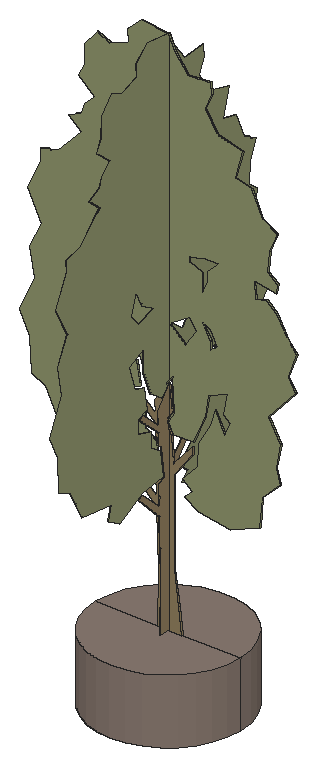
Revit family "L-PLO_난형", category 수목, Revit 2019
Family settings
  OmniClass 번호 = 23.40.05.00
  OmniClass 제목 = Plants and Planting Products
  작업 기준면 기반 = 아니오
  항상 수직 = 예
  로드될 때 보이드를 사용하여 절단 = 아니오
  렌더 모양 소스 = 패밀리 형상
  공유 = 아니오
Parameters
  한국산업규격KS = ""
  콘 높이 = 뿌리분 직경 / 4  # 272.5 mm
  조달청표준공사코드-세부공종 = ""
  뿌리분 직경 = (24 mm + ((R / 10) - 3 mm) * 5) * 10  # 1090 mm
  뿌리분 높이 = 뿌리분 직경 / 2  # 545 mm
  높이 = 4500 mm
  건설정보분류체계-부위분류 = "E985"
  R = 200 mm
  LIM_INFO_주의사항 = "재배포, 재가공, 판매 금지"
  LIM_INFO_제작일 = "20211210"
  LIM_INFO_버전 = "2022_V01"
  LIM_INFO_PL_학명 = ""
  LIM_INFO_PL_품명 = ""
  LIM_INFO_PL_주당인정수량 = 0
  LIM_INFO_PL_수목단위 = "주"
  LIM_INFO_PL_규격 = ""
  LIM_INFO_PL_구분 = ""
  LIM_INFO_PL_가격 = 0
  LIM_INFO_PL_Qty [instance] = 0
  LIM_INFO_PL_M2당수량 = 0
  KBIMS_식별-버전 = ""
  KBIMS_식별-bSK등록번호 = ""
  KBIMS_보급정보-저작자 = "림인포테크_MMJ"
  KBIMS_보급정보-보급코드 = ""
  H = 높이  # 4500 mm
Reference planes
  plane 1 "중심(앞/뒤)": y = 0
  plane 2: z = 0
  plane 3 "중심(왼쪽/오른쪽)": x = 0
  plane 4: x = 482.5
  plane 5: x = -607.5
  plane 6: z = -545
  plane 7: z = -817.5
  plane 8: z = 4500
  plane 9: x = -100
  plane 10: x = 100
Forms (mm)
  Revolve 1, solid, material "흙"
    sketch origin (0, 0, 0) x (1, 0, 0) y (0, 0, 1)
      loop
        line (0, 0) -> (-607.5, 0) -> (-607.5, -545) -> (0, -545) -> (0, 0)
      axis (0, 0) -> (0, -545)
    angle from 0 to 360
  Revolve 2, solid, material "흙"
    sketch origin (0, 0, 0) x (1, 0, 0) y (0, 0, 1)
      loop
        line (0, -545) -> (-607.5, -545) -> (0, -817.5) -> (0, -545)
      axis (0, -545) -> (0, -817.5)
    angle from 0 to 360
Dimensions and locks
  "뿌리분 직경": plane 4 to plane 5
  "뿌리분 높이": plane 6 to level
  "콘 높이": plane 7 to plane 6
  "H": level to plane 8
  "R": plane 9 to plane 10
  aligned and locked: level to plane 2
Automatic sketch dimensions
  Revolve 1 sketch curve to level = 0 mm  (x2)
  Revolve 1 sketch curve to plane 5 = 0 mm
  Revolve 1 sketch curve to plane 3 "중심(왼쪽/오른쪽)" = 0 mm  (x2)
  Revolve 1 sketch curve to plane 6 = 0 mm  (x2)
  Revolve 2 sketch curve to plane 5 = 0 mm
  Revolve 2 sketch curve to plane 3 "중심(왼쪽/오른쪽)" = 0 mm  (x2)
  Revolve 2 sketch curve to plane 7 = 0 mm  (x2)
  Revolve 2 sketch curve to plane 6 = 0 mm  (x2)
Nested families
  nested 1: "난형_base" at (0, 0, 0), type "난형_base"
Definition of nested family "난형_base"
  Parameters (values of type "난형_base")
    Height = 6000 mm
  Reference planes
    plane 1 "중심(앞/뒤)": y = 0
    plane 2: z = 0
    plane 3 "중심(왼쪽/오른쪽)": x = 0
  Forms (mm)
    Revolve 1, solid, detail levels coarse
      sketch origin (0, 0, 0) x (1, 0, 0) y (0, 0, 1)
        loop
          line (0, 4500) -> (0, 0) -> (92.258, 0) -> (92.258, 942.057)
          arc (92.258, 942.057) -> (559.31, 1200.787) -> (831.719, 1659.995) r 1020.239
          arc (831.719, 1659.995) -> (820.774, 3198.58) -> (0, 4500) r 2805.458
        axis (0, 4500) -> (0, 0)
      angle from 0 to 360
    Extrusion 2, solid, detail levels fine
      sketch origin (4424.245, 0, -33.741) x (1, 0, 0) y (0, 0, 1)
        loop
          line (-4654.419, 1786.698) -> (-4683.526, 1966.581) -> (-4778.785, 1993.034) -> (-4842.291, 2183.498) -> (-4683.526, 2260.213) -> (-4680.88, 2075.039) -> (-4609.435, 1887.221) -> (-4490.361, 1805.215) -> (-4379.225, 1945.418) -> (-4365.994, 1672.948) -> (-4418.916, 1598.879) -> (-4373.932, 1516.874) -> (-4204.582, 1522.164) -> (-4106.677, 1747.018) -> (-4080.216, 1913.674) -> (-3921.45, 1979.807) -> (-3955.849, 1813.151) -> (-3897.635, 1762.89) -> (-3945.265, 1667.658) -> (-4024.648, 1826.378) -> (-4066.985, 1694.111) -> (-4167.537, 1522.164) -> (-4175.475, 1347.572) -> (-4297.196, 1210.015) -> (-4217.813, 1141.236) -> (-4281.319, 1085.684) -> (-4162.245, 1008.969) -> (-3899.204, 968.627) -> (-3652.136, 1071.542) -> (-3631.547, 1302.073) -> (-3479.188, 1450.272) -> (-3512.13, 1569.654) -> (-3475.07, 1754.902) -> (-3578.015, 1927.8) -> (-3349.188, 2180.692) -> (-3414.061, 2289.324) -> (-3342.701, 2479.023) -> (-3414.957, 2554.857) -> (-3511.091, 2727.22) -> (-3593.12, 2798.644) -> (-3685.733, 2777.482) -> (-3698.952, 2905.428) -> (-3513.725, 2873.684) -> (-3500.495, 2950.398) -> (-3585.17, 3016.532) -> (-3569.293, 3172.606) -> (-3505.787, 3323.391) -> (-3630.153, 3394.815) -> (-3717.475, 3590.569) -> (-3856.259, 3624.505) -> (-3795.499, 3841.065) -> (-4009.48, 3896.526) -> (-4107.224, 4057.626) -> (-4054.389, 4176.47) -> (-4062.314, 4268.904) -> (-4252.519, 4253.058) -> (-4363.472, 4400.953) -> (-4411.824, 4511.49) -> (-4638.119, 4533.779) -> (-4757.216, 4429.64) -> (-4751.932, 4324.001) -> (-4907.795, 4271.182) -> (-5013.464, 4316.078) -> (-5119.134, 4189.311) -> (-5121.775, 4025.571) -> (-5171.968, 3933.137) -> (-5034.598, 3822.215) -> (-5116.492, 3737.704) -> (-5145.551, 3661.116) -> (-5251.22, 3608.296) -> (-5145.551, 3521.144) -> (-5338.398, 3312.507) -> (-5491.619, 3275.533) -> (-5483.693, 3183.099) -> (-5599.105, 2943.917) -> (-5480.297, 2713.504) -> (-5579.513, 2509.436) -> (-5538.874, 2281.925) -> (-5660.79, 2009.725) -> (-5579.513, 1835.029) -> (-5567.321, 1562.829) -> (-5445.405, 1505.951) -> (-5327.554, 1270.316) -> (-5016.174, 1232.672) -> (-5047.875, 1124.392) -> (-4934.28, 1053.085) -> (-4703.168, 1179.234) -> (-4487.827, 1211.544) -> (-4519.528, 1422.822) -> (-4609.435, 1482.484) -> (-4612.081, 1604.17) -> (-4741.74, 1641.205) -> (-4749.678, 1752.309) -> (-4654.419, 1786.698)
        loop
          line (-4571.053, 2517.493) -> (-4698.534, 2590.705) -> (-4763.63, 2720.86) -> (-4820.589, 2560.878) -> (-4733.794, 2457.839) -> (-4571.053, 2517.493)
        loop
          line (-4242.86, 2856.438) -> (-4134.367, 2815.765) -> (-4134.367, 2672.052) -> (-4085.544, 2753.399) -> (-4085.544, 2837.458) -> (-3990.612, 2929.651) -> (-4126.229, 2929.651) -> (-4242.86, 2899.823) -> (-4242.86, 2856.438)
        loop
          line (-4408.313, 2341.242) -> (-4275.408, 2227.356) -> (-4183.608, 2352.006) -> (-4240.148, 2444.281) -> (-4408.313, 2341.242)
        loop
          line (-4134.367, 2444.281) -> (-4063.846, 2324.972) -> (-4063.846, 2265.318) -> (-4006.886, 2295.145) -> (-4065.947, 2407.93) -> (-4134.367, 2444.281)
      from 0 to 5
    Extrusion 3, solid, detail levels fine
      sketch origin (4424.245, 0, -33.741) x (1, 0, 0) y (0, 0, 1)
        loop
          line (-4533.638, 1721.848) -> (-4527.151, 1616.147) -> (-4678.767, 1750.994) -> (-4724.775, 1738.45) -> (-4521.923, 1554.472) -> (-4522.995, 1459.265) -> (-4490.527, 1436.23) -> (-4459.107, 1195.408) -> (-4521.948, 1170.278) -> (-4518.402, 1003.858) -> (-4693.887, 1159.333) -> (-4732.768, 1138.323) -> (-4518.402, 927.171) -> (-4500.551, 452.894) -> (-4504.755, 33.741) -> (-4305.623, 33.741) -> (-4331.841, 240.806) -> (-4366.384, 513.62) -> (-4366.384, 1219.161) -> (-4212.679, 1418.959) -> (-4212.679, 1479.061) -> (-4377.442, 1298.344) -> (-4387.864, 1505.679) -> (-4441.409, 1605.693) -> (-4384.946, 1676.776) -> (-4406.904, 1879.569) -> (-4533.638, 1721.848)
      from 0 to 5
    Extrusion 4, solid, detail levels fine
      sketch origin (0, 4419.245, -33.741) x (0, 1, 0) y (0, 0, 1)
        loop
          line (-4654.419, 1786.698) -> (-4683.526, 1966.581) -> (-4778.785, 1993.034) -> (-4842.291, 2183.498) -> (-4683.526, 2260.213) -> (-4680.88, 2075.039) -> (-4609.435, 1887.221) -> (-4490.361, 1805.215) -> (-4379.225, 1945.418) -> (-4365.994, 1672.948) -> (-4418.916, 1598.879) -> (-4373.932, 1516.874) -> (-4204.582, 1522.164) -> (-4106.677, 1747.018) -> (-4080.216, 1913.674) -> (-3921.45, 1979.807) -> (-3955.849, 1813.151) -> (-3897.635, 1762.89) -> (-3945.265, 1667.658) -> (-4024.648, 1826.378) -> (-4066.985, 1694.111) -> (-4167.537, 1522.164) -> (-4175.475, 1347.572) -> (-4297.196, 1210.015) -> (-4217.813, 1141.236) -> (-4281.319, 1085.684) -> (-4162.245, 1008.969) -> (-3899.204, 968.627) -> (-3652.136, 1071.542) -> (-3631.547, 1302.073) -> (-3479.188, 1450.272) -> (-3512.13, 1569.654) -> (-3475.07, 1754.902) -> (-3578.015, 1927.8) -> (-3349.188, 2180.692) -> (-3414.061, 2289.324) -> (-3342.701, 2479.023) -> (-3414.957, 2554.857) -> (-3511.091, 2727.22) -> (-3593.12, 2798.644) -> (-3685.733, 2777.482) -> (-3698.952, 2905.428) -> (-3513.725, 2873.684) -> (-3500.495, 2950.398) -> (-3585.17, 3016.532) -> (-3569.293, 3172.606) -> (-3505.787, 3323.391) -> (-3630.153, 3394.815) -> (-3717.475, 3590.569) -> (-3856.259, 3624.505) -> (-3795.499, 3841.065) -> (-4009.48, 3896.526) -> (-4107.224, 4057.626) -> (-4054.389, 4176.47) -> (-4062.314, 4268.904) -> (-4252.519, 4253.058) -> (-4363.472, 4400.953) -> (-4411.824, 4511.49) -> (-4638.119, 4533.779) -> (-4757.216, 4429.64) -> (-4751.932, 4324.001) -> (-4907.795, 4271.182) -> (-5013.464, 4316.078) -> (-5119.134, 4189.311) -> (-5121.775, 4025.571) -> (-5171.968, 3933.137) -> (-5034.598, 3822.215) -> (-5116.492, 3737.704) -> (-5145.551, 3661.116) -> (-5251.22, 3608.296) -> (-5145.551, 3521.144) -> (-5338.398, 3312.507) -> (-5491.619, 3275.533) -> (-5483.693, 3183.099) -> (-5599.105, 2943.917) -> (-5480.297, 2713.504) -> (-5579.513, 2509.436) -> (-5538.874, 2281.925) -> (-5660.79, 2009.725) -> (-5579.513, 1835.029) -> (-5567.321, 1562.829) -> (-5445.405, 1505.951) -> (-5327.554, 1270.316) -> (-5016.174, 1232.672) -> (-5047.875, 1124.392) -> (-4934.28, 1053.085) -> (-4703.168, 1179.234) -> (-4487.827, 1211.544) -> (-4519.528, 1422.822) -> (-4609.435, 1482.484) -> (-4612.081, 1604.17) -> (-4741.74, 1641.205) -> (-4749.678, 1752.309) -> (-4654.419, 1786.698)
        loop
          line (-4571.053, 2517.493) -> (-4698.534, 2590.705) -> (-4763.63, 2720.86) -> (-4820.589, 2560.878) -> (-4733.794, 2457.839) -> (-4571.053, 2517.493)
        loop
          line (-4242.86, 2856.438) -> (-4134.367, 2815.765) -> (-4134.367, 2672.052) -> (-4085.544, 2753.399) -> (-4085.544, 2837.458) -> (-3990.612, 2929.651) -> (-4126.229, 2929.651) -> (-4242.86, 2899.823) -> (-4242.86, 2856.438)
        loop
          line (-4408.313, 2341.242) -> (-4275.408, 2227.356) -> (-4183.608, 2352.006) -> (-4240.148, 2444.281) -> (-4408.313, 2341.242)
        loop
          line (-4134.367, 2444.281) -> (-4063.846, 2324.972) -> (-4063.846, 2265.318) -> (-4006.886, 2295.145) -> (-4065.947, 2407.93) -> (-4134.367, 2444.281)
      from 0 to 5
    Extrusion 5, solid, detail levels fine
      sketch origin (0, 4419.245, -33.741) x (0, 1, 0) y (0, 0, 1)
        loop
          line (-4533.638, 1721.848) -> (-4527.151, 1616.147) -> (-4678.767, 1750.994) -> (-4724.775, 1738.45) -> (-4521.923, 1554.472) -> (-4522.995, 1459.265) -> (-4490.527, 1436.23) -> (-4459.107, 1195.408) -> (-4521.948, 1170.278) -> (-4518.402, 1003.858) -> (-4693.887, 1159.333) -> (-4732.768, 1138.323) -> (-4518.402, 927.171) -> (-4500.551, 452.894) -> (-4504.755, 33.741) -> (-4305.623, 33.741) -> (-4331.841, 240.806) -> (-4366.384, 513.62) -> (-4366.384, 1219.161) -> (-4212.679, 1418.959) -> (-4212.679, 1479.061) -> (-4377.442, 1298.344) -> (-4387.864, 1505.679) -> (-4441.409, 1605.693) -> (-4384.946, 1676.776) -> (-4406.904, 1879.569) -> (-4533.638, 1721.848)
      from 0 to 5
  Lines and regions (mm)
    symbolic lines
      curve 1: circle (-0.582, 0.744, 0) r 1002.955 normal (0, 0, 1)
      curve 2: circle (0, 0.479, 0) r 1174.703 normal (0, 0, 1)
      curve 3: line (1002.373, 0.213, 0) -> (1174.703, 0.213, 0)
      curve 4: line (994.54, 125.851, 0) -> (1165.473, 147.445, 0)
      curve 5: line (426.59, -906.694, 0) -> (499.924, -1062.537, 0)
      curve 6: line (536.899, -846.034, 0) -> (629.213, -991.498, 0)
      curve 7: line (731.127, 686.689, 0) -> (856.503, 804.425, 0)
      curve 8: line (639.406, 772.971, 0) -> (748.988, 905.434, 0)
      curve 9: line (-310.16, -953.238, 0) -> (-363.255, -1116.648, 0)
      curve 10: line (74.025, 1172.847, 0) -> (0.166, 0.085, 0)
      curve 11: line (0.296, 0, 0) -> (-73.495, 1172.88, 0)
      curve 12: line (-629.661, -991.213, 0) -> (-0.576, 0.199, 0)
      curve 13: line (-0.576, 0.199, 0) -> (-748.988, -904.476, 0)
      curve 14: line (-1003.538, 0.744, 0) -> (-1174.703, 0.744, 0)
      curve 15: line (-995.62, -125.03, 0) -> (-1165.473, -146.487, 0)
      curve 16: line (-811.759, 590.584, 0) -> (-950.198, 691.166, 0)
      curve 17: line (-731.383, 687.657, 0) -> (-856.14, 804.811, 0)
      curve 18: line (1092.113, -432.205, 0) -> (0.296, 0, 0)
      curve 19: line (0.166, 0.085, 0) -> (1029.272, -565.671, 0)
      curve 20: line (-188.167, -984.513, 0) -> (-220.378, -1153.367, 0)
  Dimensions and locks
    aligned and locked: level to plane 2
